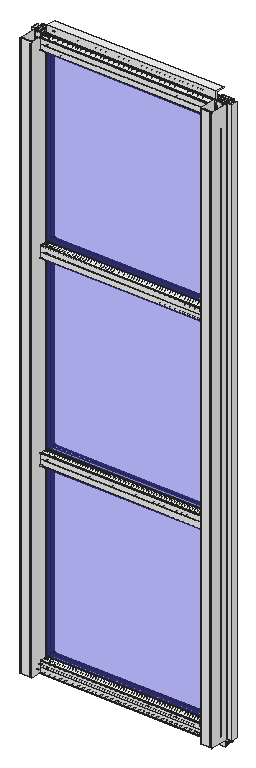
Revit family "Facade_60_Curtain_Wall_S13_Custom", category Windows, host Wall, Revit 2014 (continued)
Definition of nested family "F60 Horizontal Profile Middle_S13_Cust"
  Forms (mm)
    Extrusion 4, solid, material <- "Profile Material"
      sketch origin (0, 0, 0) x (0, 1, 0) y (0, 0, 1)
        loop
          arc (-58.5, 34.751) -> (-59.066, 34.516) -> (-59.3, 33.951) r 0.8
          line (-59.3, 33.951) -> (-59.3, 32.902) -> (-42.8, 32.902) -> (-42.8, 27.1) -> (-59.3, 27.1) -> (-59.3, 26.049)
          arc (-59.3, 26.049) -> (-59.066, 25.484) -> (-58.5, 25.249) r 0.8
      from 0 to 250 <- "Length"
    Extrusion 5, solid, material <- "Thermal Break Material", visible <- "Single Glazing"
      sketch origin (0, 0, 0) x (0, 1, 0) y (0, 0, 1)
        loop
          arc (-63.8, 25.751) -> (-63.654, 25.397) -> (-63.3, 25.251) r 0.5
          line (-63.3, 25.251) -> (-59.8, 25.251)
          arc (-59.8, 25.251) -> (-59.446, 25.397) -> (-59.3, 25.751) r 0.5
          line (-59.3, 25.751) -> (-59.3, 27.648) -> (-49.599, 27.648) -> (-47.528, 28.651)
          arc (-47.528, 28.651) -> (-46.803, 30.001) -> (-47.528, 31.351) r 1.62
          line (-47.528, 31.351) -> (-49.599, 32.353) -> (-59.3, 32.353) -> (-59.3, 34.251)
          arc (-59.3, 34.251) -> (-59.446, 34.604) -> (-59.8, 34.751) r 0.5
          line (-59.8, 34.751) -> (-63.3, 34.751)
          arc (-63.3, 34.751) -> (-63.654, 34.604) -> (-63.8, 34.251) r 0.5
          line (-63.8, 34.251) -> (-63.8, 32.328) -> (-62.4, 31.52) -> (-62.4, 28.483) -> (-63.8, 27.673) -> (-63.8, 25.751)
        loop
          line (-59.794, 28.506) -> (-59.006, 29.294)
          arc (-59.006, 29.294) -> (-58.788, 29.618) -> (-58.713, 30.001) r 0.986
          arc (-58.713, 30.001) -> (-58.79, 30.384) -> (-59.008, 30.71) r 1.007
          line (-59.008, 30.71) -> (-59.794, 31.496) -> (-60.65, 31.496)
          arc (-60.65, 31.496) -> (-61.004, 31.349) -> (-61.15, 30.996) r 0.5
          line (-61.15, 30.996) -> (-61.15, 29.006)
          arc (-61.15, 29.006) -> (-61.004, 28.652) -> (-60.65, 28.506) r 0.5
          line (-60.65, 28.506) -> (-59.794, 28.506)
        loop
          line (-47.854, 30.898) -> (-49.415, 31.653) -> (-56.782, 31.653)
          arc (-56.782, 31.653) -> (-57.207, 31.417) -> (-57.23, 30.932) r 0.5
          arc (-57.23, 30.932) -> (-57.013, 30.001) -> (-57.23, 29.07) r 2.099
          arc (-57.23, 29.07) -> (-57.207, 28.584) -> (-56.782, 28.348) r 0.5
          line (-56.782, 28.348) -> (-49.415, 28.348) -> (-48.055, 29.007)
          arc (-48.055, 29.007) -> (-47.35, 29.888) -> (-47.854, 30.898) r 1.047
      from 0 to 250 <- "Length"
    Extrusion 6, solid, material <- "Profile Material", visible <- "Single Glazing"
      sketch origin (0, 0, 0) x (0, 1, 0) y (0, 0, 1)
        loop
          line (-63.8, 52.694) -> (-64.8, 52.694) -> (-64.8, 51.544) -> (-66.05, 51.544) -> (-66.05, 57.044) -> (-64.8, 57.044) -> (-64.8, 55.894) -> (-63.8, 55.894) -> (-63.8, 58.294)
          arc (-63.8, 58.294) -> (-64.082, 58.803) -> (-64.664, 58.835) r 0.6
          line (-64.664, 58.835) -> (-66.562, 57.91) -> (-67.088, 58.988) -> (-68.05, 58.519) -> (-68.05, 48.513)
          arc (-68.05, 48.513) -> (-67.874, 48.089) -> (-67.45, 47.913) r 0.6
          line (-67.45, 47.913) -> (-66.6, 47.913) -> (-66.6, 12.09) -> (-67.45, 12.09)
          arc (-67.45, 12.09) -> (-67.874, 11.914) -> (-68.05, 11.49) r 0.6
          line (-68.05, 11.49) -> (-68.05, 1.485) -> (-67.088, 1.016) -> (-66.562, 2.095) -> (-64.663, 1.169)
          arc (-64.663, 1.169) -> (-64.082, 1.2) -> (-63.8, 1.709) r 0.6
          line (-63.8, 1.709) -> (-63.8, 4.109) -> (-64.8, 4.109) -> (-64.8, 2.959) -> (-66.05, 2.959) -> (-66.05, 8.459) -> (-64.8, 8.459) -> (-64.8, 7.309) -> (-63.8, 7.309) -> (-63.8, 27.674) -> (-62.4, 28.483) -> (-62.4, 31.521) -> (-63.8, 32.329) -> (-63.8, 52.694)
      from 0 to 250 <- "Length"
    Extrusion 7, solid, material <- "Profile Material", visible <- "Single Glazing"
      sketch origin (0, 0, 0) x (0, 1, 0) y (0, 0, 1)
        loop
          line (-68.551, 3.3) -> (-76.559, 3.3) -> (-76.559, 30) -> (-76.559, 56.15)
          arc (-76.559, 56.15) -> (-75.739, 58.13) -> (-73.759, 58.95) r 2.8
          line (-73.759, 58.95) -> (-69.151, 58.95) -> (-69.151, 57.2)
          arc (-69.151, 57.2) -> (-68.987, 56.829) -> (-68.601, 56.703) r 0.5
          arc (-68.601, 56.703) -> (-68.216, 56.829) -> (-68.051, 57.2) r 0.5
          line (-68.051, 57.2) -> (-68.051, 58.517) -> (-67.089, 58.986) -> (-66.563, 57.907) -> (-63.866, 59.222)
          arc (-63.866, 59.222) -> (-64.001, 59.762) -> (-64.504, 60) r 0.65
          line (-64.504, 60) -> (-73.859, 60)
          arc (-73.859, 60) -> (-76.687, 58.828) -> (-77.859, 56) r 4
          line (-77.859, 56) -> (-77.859, 30) -> (-77.859, 2.493)
          arc (-77.859, 2.493) -> (-77.197, 0.799) -> (-75.562, 0.002) r 2.5
          arc (-75.562, 0.002) -> (-75.182, 0.132) -> (-75.021, 0.5) r 0.5
          line (-75.021, 0.5) -> (-75.021, 2) -> (-69.151, 2) -> (-69.151, 0.5)
          arc (-69.151, 0.5) -> (-69.005, 0.146) -> (-68.651, 0) r 0.5
          line (-68.651, 0) -> (-64.504, 0)
          arc (-64.504, 0) -> (-64.001, 0.238) -> (-63.866, 0.778) r 0.65
          line (-63.866, 0.778) -> (-66.563, 2.093) -> (-67.089, 1.014) -> (-68.051, 1.483) -> (-68.051, 2.8)
          arc (-68.051, 2.8) -> (-68.198, 3.154) -> (-68.551, 3.3) r 0.5
      from 0 to 250 <- "Length"
    Extrusion 8, solid, material <- "Thermal Break Material", visible <- "Double Glazing"
      sketch origin (0, 0, 0) x (0, 1, 0) y (0, 0, 1)
        loop
          line (-77.8, 27.673) -> (-77.8, 25.751)
          arc (-77.8, 25.751) -> (-77.654, 25.397) -> (-77.3, 25.251) r 0.5
          line (-77.3, 25.251) -> (-59.8, 25.251)
          arc (-59.8, 25.251) -> (-59.446, 25.397) -> (-59.3, 25.751) r 0.5
          line (-59.3, 25.751) -> (-59.3, 27.647) -> (-49.599, 27.647) -> (-47.528, 28.649)
          arc (-47.528, 28.649) -> (-46.803, 29.999) -> (-47.528, 31.349) r 1.62
          line (-47.528, 31.349) -> (-49.602, 32.353) -> (-59.3, 32.353) -> (-59.3, 34.251)
          arc (-59.3, 34.251) -> (-59.446, 34.604) -> (-59.8, 34.751) r 0.5
          line (-59.8, 34.751) -> (-77.3, 34.751)
          arc (-77.3, 34.751) -> (-77.654, 34.604) -> (-77.8, 34.251) r 0.5
          line (-77.8, 34.251) -> (-77.8, 32.327) -> (-76.4, 31.52) -> (-76.4, 28.482) -> (-77.8, 27.673)
        loop
          line (-59.006, 30.708) -> (-61.156, 32.858)
          arc (-61.156, 32.858) -> (-61.48, 33.074) -> (-61.863, 33.151) r 1
          line (-61.863, 33.151) -> (-73.8, 33.151)
          arc (-73.8, 33.151) -> (-74.507, 32.858) -> (-74.8, 32.151) r 1
          line (-74.8, 32.151) -> (-74.8, 27.851)
          arc (-74.8, 27.851) -> (-74.507, 27.144) -> (-73.8, 26.851) r 1
          line (-73.8, 26.851) -> (-61.863, 26.851)
          arc (-61.863, 26.851) -> (-61.48, 26.927) -> (-61.156, 27.144) r 1
          line (-61.156, 27.144) -> (-59.006, 29.294)
          arc (-59.006, 29.294) -> (-58.788, 29.618) -> (-58.713, 30.001) r 0.986
          arc (-58.713, 30.001) -> (-58.79, 30.383) -> (-59.006, 30.708) r 1.007
        loop
          line (-56.782, 28.347) -> (-49.415, 28.347) -> (-48.055, 29.005)
          arc (-48.055, 29.005) -> (-47.35, 29.887) -> (-47.854, 30.896) r 1.047
          line (-47.854, 30.896) -> (-49.415, 31.652) -> (-56.782, 31.652)
          arc (-56.782, 31.652) -> (-57.207, 31.416) -> (-57.23, 30.93) r 0.5
          arc (-57.23, 30.93) -> (-57.013, 29.999) -> (-57.23, 29.068) r 2.099
          arc (-57.23, 29.068) -> (-57.207, 28.583) -> (-56.782, 28.347) r 0.5
      from 0 to 250 <- "Length"
    Extrusion 9, solid, material <- "Profile Material", visible <- "Double Glazing"
      sketch origin (0, 0, 0) x (0, 1, 0) y (0, 0, 1)
        loop
          line (-77.8, 52.694) -> (-78.8, 52.694) -> (-78.8, 51.544) -> (-80.05, 51.544) -> (-80.05, 57.044) -> (-78.8, 57.044) -> (-78.8, 55.894) -> (-77.8, 55.894) -> (-77.8, 58.294)
          arc (-77.8, 58.294) -> (-78.082, 58.802) -> (-78.664, 58.834) r 0.6
          line (-78.664, 58.834) -> (-80.562, 57.909) -> (-81.088, 58.988) -> (-82.05, 58.518) -> (-82.05, 48.512)
          arc (-82.05, 48.512) -> (-81.874, 48.088) -> (-81.45, 47.912) r 0.6
          line (-81.45, 47.912) -> (-80.6, 47.912) -> (-80.6, 12.089) -> (-81.45, 12.089)
          arc (-81.45, 12.089) -> (-81.874, 11.913) -> (-82.05, 11.489) r 0.6
          line (-82.05, 11.489) -> (-82.05, 1.484) -> (-81.088, 1.015) -> (-80.562, 2.094) -> (-78.663, 1.169)
          arc (-78.663, 1.169) -> (-78.082, 1.199) -> (-77.8, 1.708) r 0.6
          line (-77.8, 1.708) -> (-77.8, 4.108) -> (-78.8, 4.108) -> (-78.8, 2.958) -> (-80.05, 2.958) -> (-80.05, 8.458) -> (-78.8, 8.458) -> (-78.8, 7.308) -> (-77.8, 7.308) -> (-77.8, 27.673) -> (-76.4, 28.482) -> (-76.4, 31.52) -> (-77.8, 32.328) -> (-77.8, 52.694)
      from 0 to 250 <- "Length"
    Extrusion 10, solid, material <- "Profile Material", visible <- "Double Glazing"
      sketch origin (0, 0, 0) x (0, 1, 0) y (0, 0, 1)
        loop
          line (-82.551, 3.3) -> (-90.558, 3.3) -> (-90.558, 30) -> (-90.558, 56.15)
          arc (-90.558, 56.15) -> (-89.738, 58.13) -> (-87.758, 58.95) r 2.8
          line (-87.758, 58.95) -> (-83.151, 58.95) -> (-83.151, 57.2)
          arc (-83.151, 57.2) -> (-82.986, 56.829) -> (-82.601, 56.703) r 0.5
          arc (-82.601, 56.703) -> (-82.215, 56.829) -> (-82.051, 57.2) r 0.5
          line (-82.051, 57.2) -> (-82.051, 58.517) -> (-81.088, 58.986) -> (-80.563, 57.907) -> (-77.866, 59.222)
          arc (-77.866, 59.222) -> (-78, 59.762) -> (-78.503, 60) r 0.65
          line (-78.503, 60) -> (-87.858, 60)
          arc (-87.858, 60) -> (-90.687, 58.828) -> (-91.858, 56) r 4
          line (-91.858, 56) -> (-91.858, 30) -> (-91.858, 2.493)
          arc (-91.858, 2.493) -> (-91.196, 0.799) -> (-89.561, 0.002) r 2.5
          arc (-89.561, 0.002) -> (-89.182, 0.132) -> (-89.021, 0.5) r 0.5
          line (-89.021, 0.5) -> (-89.021, 2) -> (-83.151, 2) -> (-83.151, 0.5)
          arc (-83.151, 0.5) -> (-83.004, 0.146) -> (-82.651, 0) r 0.5
          line (-82.651, 0) -> (-78.503, 0)
          arc (-78.503, 0) -> (-78, 0.238) -> (-77.866, 0.778) r 0.65
          line (-77.866, 0.778) -> (-80.563, 2.093) -> (-81.088, 1.014) -> (-82.051, 1.483) -> (-82.051, 2.8)
          arc (-82.051, 2.8) -> (-82.197, 3.154) -> (-82.551, 3.3) r 0.5
      from 0 to 250 <- "Length"
  Dimensions and locks
    aligned and locked: level to plane 2
